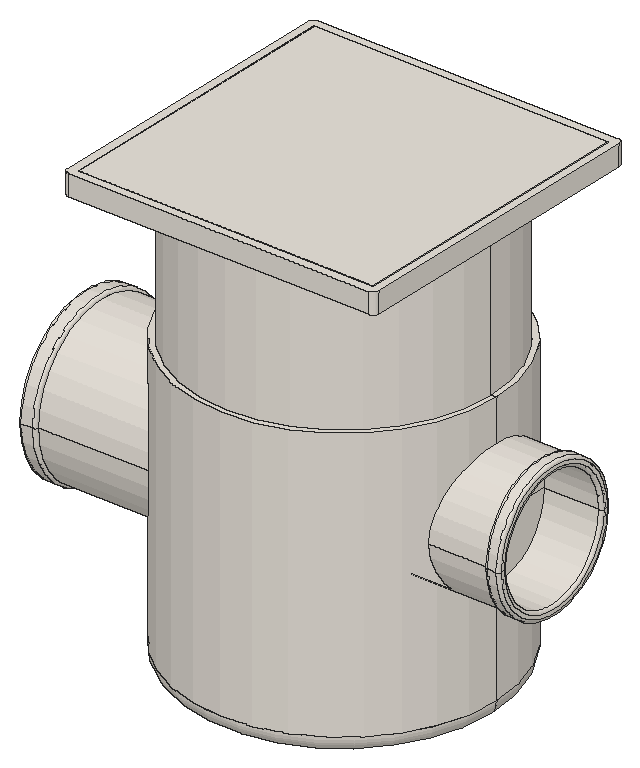
Revit family "Cx_Sif_Quadrada_1E_100x100x50", category Pipe Fittings, Revit 2025
Family settings
  Round Connector Dimension = Use Diameter
  Part Type = Multi Port
  OmniClass Number = 23.27.43.00
  Work Plane-Based = No
  Always vertical = Yes
  Cut with Voids When Loaded = No
  Shared = No
Parameters (values of type "CaixaSif 100X100X50-Quadrada-1E")
  Ângulo do Grelha [instance] = 0.00°
  t2 [instance] = size_lookup(RT, "t2", 0 mm, Tank Depth Check)  # 3 mm
  t1 [instance] = size_lookup(RT, "t1", 0 mm, Tank Depth Check)  # 4 mm
  product_serie = "Esgoto"
  material = Amanco Esgoto Caixas e Ralos
  j1 [instance] = size_lookup("Amanco Caixa 100X100-150X50", "j1", 0 mm, Tank Depth Check)  # 5 mm
  Z3 [instance] = size_lookup(RT, "Z3", 0 mm, Tank Depth Check)  # 8 mm
  Z2 [instance] = size_lookup(RT, "Z2", 0 mm, Tank Depth Check)  # 52.9 mm
  Z1 [instance] = size_lookup(RT, "Z1", 0 mm, Tank Depth Check)  # 68.2 mm
  Ws [instance] = size_lookup("Amanco Caixa 100X100-150X50", "Ws", 0 mm, Tank Depth Check)  # 45 mm
  Vis Redução Caixa [instance] = if(Redução Caixa DN50X40, Solids visible, not(Solids visible))  # no
  Vis Prolongamento [instance] = and(Prolongamento, not(Altura do Grelha Check = P3 + 7 mm))  # yes
  Vis Porta Grelha Quadrado Cromado [instance] = Tipo de Porta Grelha Quadrado = Porta Grelha Quadrado DN 100 Cromado  # no
  Vis Porta Grelha Quadrado Cinza [instance] = Tipo de Porta Grelha Quadrado = Porta Grelha Quadrado DN 100 Cinza  # no
  Vis Porta Grelha Quadrado Branco [instance] = Tipo de Porta Grelha Quadrado = Porta Grelha Quadrado DN 100 Branco  # yes
  Vis Grelha Vórtice Inox [instance] = Tipo de Grelha Quadrada = [Grelha Vórtice Inox Abre/Fecha QD DN 100]  # no
  Vis Grelha Vórtice Branca [instance] = Tipo de Grelha Quadrada = [Grelha Vórtice Branca Abre/Fecha QD DN 100]  # yes
  Vis Grelha Quadrada Alumínio [instance] = Tipo de Grelha Quadrada = Grelha Quadrada DN 100 Alumínio  # no
  Vis Disp anti Infiltration [instance] = and(Prolongamento, Disp. Anti Infiltração, Altura do Grelha > 39 mm + 7 mm + P3)  # no
  UniClass Version = 2015
  UniClass Title = "Unplasticized polyvinyl chloride (PVC-U) drainage pipe and fittings"
  UniClass Number = "65.52.63.87"
  URL = "https://www.wavin.com/pt-br/Catalogo/Predial/Sistemas-Sanitarios/Caixas"
  Type IFC Predefined Type = "CONNECTOR"
  Tipo de Porta Grelha Quadrado [instance] = Tipo Porta Grelha Quadrado : Porta Grelha Quadrado DN 100 Branco
  Tipo de Grelha Quadrada [instance] = Tipo de Grelha Quadrada : Grelha Vórtice Branca Abre/Fecha QD DN 100
  Redução Caixa DN50X40 [instance] = no
  Porta Grelha Quadrado DN 100 Cromado [instance] = Tipo Porta Grelha Quadrado : Porta Grelha Quadrado DN 100 Cromado
  Porta Grelha Quadrado DN 100 Cinza [instance] = Tipo Porta Grelha Quadrado : Porta Grelha Quadrado DN 100 Cinza
  Porta Grelha Quadrado DN 100 Branco [instance] = Tipo Porta Grelha Quadrado : Porta Grelha Quadrado DN 100 Branco
  Grelha Vórtice Inox Abre/Fecha QD DN 100 [instance] = Tipo de Grelha Quadrada : Grelha Vórtice Inox Abre/Fecha QD DN 100
  Grelha Vórtice Branca Abre/Fecha QD DN 100 [instance] = Tipo de Grelha Quadrada : Grelha Vórtice Branca Abre/Fecha QD DN 100
  Grelha Quadrada DN 100 Alumínio [instance] = Tipo de Grelha Quadrada : Grelha Quadrada DN 100 Alumínio
  Export Type to IFC As = "IfcPipeFitting"
  Default Elevation = 0 mm
  Type Comments = "Esgoto"  # constant formula
  TipodeAtivo = "Fixo"
  TempoUtil = 50
  Tank Depth Check [instance] = 100 mm  # constant formula
  Tamanho = "n/a"
  ResponsávelGarantiaTrabalho = "n/a"
  ResponsávelGarantiaPeças = "n/a"
  ReferenciadoModelo [instance] = Product Description  # "CORPO DA CAIXA SECA DN 100X100X50/40"
  RT [instance] = "Esgoto Caixa Seca"  # constant formula
  Prolongamento [instance] = yes
  Produtor = "Amanco Wavin"
  OmniClass Version = 2012
  NumerodoModelo [instance] = Catalogue Code  # "11915"
  Norma [instance] = "NBR 8160/NBR 10844"  # constant formula
  Material = "PVC"
  Keynote = "15150"
  Grupo  Amanco [instance] = ""
  Forma = "n/a"
  DuraçaoUnidade = "Anos"
  DuraçaoGarantiaUnidade = "Anos"
  DuraçaoGarantiaTrabalho = "n/a"
  DuraçaoGarantiaPeças = "n/a"
  Do Extension [instance] = size_lookup("Amanco Caixas Extention", "Do1", 0 mm, Diam Extention) / 2  # 50.8 mm
  Disp. Anti Infiltração [instance] = no
  Disp. Anti Espuma-Inseto [instance] = no
  DescriçãoGarantia = "n/a"
  CriadoPela = "Wavin LATAM"
  CriadoEm = "2020-06-19"
  Cor = "Bege"
  Comprimento da Prolongamento [instance] = if(or(not(Prolongamento), Altura do Grelha < P3 + 7 mm + 1 mm), 0 mm, Altura do Grelha - 7 mm)  # 63 mm
  Componentes = "n/a"
  Classe = "n/a"
  Caracteristicas = "n/a"
  Altura do Grelha Check [instance] = if(or(Altura do Grelha < P3 + 7 mm + 1 mm, not(Prolongamento)), P3 + 7 mm, Altura do Grelha)  # 70 mm
  Acabamento = "n/a"
  Solids visible [instance] = yes
  SCB [instance] = 0  # constant formula
  Radius [instance] = 6 mm  # constant formula
  Product Description [instance] = if(CCB = 11915, "CORPO DA CAIXA SECA DN 100X100X50/40", "0")  # "CORPO DA CAIXA SECA DN 100X100X50/40"
  Pos Out [instance] = 500 mm - (Ws - Hs)  # 500 mm
  Pid [instance] = 0
  P3 [instance] = size_lookup("Amanco Caixa 100X100-150X50", "P3", 0 mm, Tank Depth Check)  # 14 mm
  P2 [instance] = size_lookup(RT, "P2", 0 mm, Tank Depth Check)  # 20 mm
  P1 [instance] = size_lookup(RT, "P1", 0 mm, Tank Depth Check)  # 20 mm
  Model = ""
  Metallic Grid [instance] = no
  Manufacturer = "Wavin"  # constant formula
  LOD = "LOD400"  # constant formula
  built-in parameter 1114238 [instance] = (empty or 0)
  IfcExportType = "CONNECTOR"  # constant formula
  IfcExportAs = "IfcPipeFitting"  # constant formula
  IfcDescription = Description  # "MULTIPORT"
  Hs-P3 [instance] = Hs - P3  # 31 mm
  Hs [instance] = size_lookup("Amanco Caixa 100X100-150X50", "Hs", 0 mm, Tank Depth Check)  # 45 mm
  Altura do Grelha [instance] = 70 mm
  Ds2 [instance] = size_lookup(RT, "Ds2", 0 mm, Tank Depth Check) / 2  # 20.6 mm
  Ds1 [instance] = size_lookup(RT, "Ds1", 0 mm, Tank Depth Check) / 2  # 25.5 mm
  Dr2 [instance] = size_lookup(RT, "Dr2", 0 mm, Tank Depth Check) / 2  # 23.9 mm
  Dr1 [instance] = size_lookup(RT, "Dr1", 0 mm, Tank Depth Check) / 2  # 28.8 mm
  Do3 [instance] = size_lookup("Amanco Caixa 100X100-150X50", "Do3", 0 mm, Tank Depth Check) / 2  # 52.9 mm
  Do2 [instance] = size_lookup(RT, "Do2", 0 mm, Tank Depth Check) / 2  # 22.9 mm
  Do1 [instance] = size_lookup(RT, "Do1", 0 mm, Tank Depth Check) / 2  # 27.8 mm
  Diam OUT [instance] = if(Redução Caixa DN50X40, 40 mm, 50 mm)  # 50 mm
  Diam IN [instance] = 40 mm  # constant formula
  Diam Extention [instance] = 100 mm  # constant formula
  Description = "MULTIPORT"  # constant formula
  Country = "BRA"  # constant formula
  Catalogue Code [instance] = if(CCB = 11915, "11915", "0")  # "11915"
  CCB [instance] = 11915  # constant formula
  Assembly Code = "D2030100"
Reference planes
  plane 1 "Center (Front/Back)": y = 0
  plane 2: z = 0
  plane 3 "Center (Left/Right)": x = 0
  plane 4: z = -500
  plane 5: z = 0
  plane 6: z = 31
  plane 7: z = 101
  plane 8: z = 101
  plane 9: z = 8
Forms (mm)
  Revolve 1, solid, material "Amanco Esgoto Caixas e Ralos" <- "material", detail levels fine
    sketch origin (0, 0, 0) x (-1, 0, 0) y (0, -1, 0)
      loop
        line (0, -27.8) -> (83.207, -27.8)
        arc (83.207, -27.8) -> (83.5, -28.507) -> (84.207, -28.8) r 1
        line (84.207, -28.8) -> (88.207, -28.8)
        arc (88.207, -28.8) -> (88.914, -28.507) -> (89.207, -27.8) r 1
        line (89.207, -27.8) -> (89.207, -26.5)
        arc (89.207, -26.5) -> (88.914, -25.793) -> (88.207, -25.5) r 1
        line (88.207, -25.5) -> (68.207, -25.5) -> (67.5, -24.793) -> (52.9, -24.793) -> (52.9, 0) -> (0, 0) -> (0, -27.8)
      axis (0, 0) -> (89.207, 0)
    angle from 0 to 360
  Revolve 2, solid, material "Amanco Esgoto Caixas e Ralos" <- "material", detail levels fine
    sketch origin (0, 0, 0) x (1, 0, 0) y (0, 0, 1)
      loop
        line (-52.9, 45) -> (-52.9, -49)
        arc (-52.9, -49) -> (-51.143, -53.243) -> (-46.9, -55) r 6
        line (-46.9, -55) -> (0, -55) -> (0, 31) -> (-50.8, 31) -> (-50.8, 45) -> (-52.9, 45)
      axis (0, 45) -> (0, -55)
    angle from 0 to 360
  Revolve 3, solid, material "Amanco Esgoto Caixas e Ralos" <- "material"
    sketch origin (-16.768, -1524, 8) x (-1, 0, 0) y (0, -1, 0)
      loop
        line (-16.768, -1524) -> (-69.668, -1524) -> (-69.668, -1544.6) -> (-88.668, -1544.6)
        arc (-88.668, -1544.6) -> (-89.375, -1544.893) -> (-89.668, -1545.6) r 1
        line (-89.668, -1545.6) -> (-89.668, -1546.9)
        arc (-89.668, -1546.9) -> (-89.375, -1547.607) -> (-88.668, -1547.9) r 1
        line (-88.668, -1547.9) -> (-85.668, -1547.9)
        arc (-85.668, -1547.9) -> (-84.961, -1547.607) -> (-84.668, -1546.9) r 1
        line (-84.668, -1546.9) -> (-16.768, -1546.9) -> (-16.768, -1524)
      axis (-89.668, -1524) -> (-16.768, -1524)
    angle from 0 to 360
Cuts and joins
  joined: Revolve 1, Revolve 2
Lines and regions (mm)
  reference lines
    curve 1: line (0, 0, 0) -> (-68.2, 0, 0)
    curve 2: line (0, 0, 0) -> (0, -52.9, 0)
    curve 58: line (0, 0, 8) -> (52.9, 0, 8)
  model lines, detail levels coarse+medium
    curve 3: circle (0, 0, 0) r 50 normal (0, 0, 1)
    curve 4: line (-24.614, 43.522, 0) -> (-24.614, -43.522, 0)
    curve 5: line (-25.114, 43.235, 0) -> (-25.114, -43.235, 0)
    curve 6: line (-25.546, -42.981, 0) -> (-25.546, 42.981, 0)
    curve 7: line (-26.046, 42.68, 0) -> (-26.046, -42.68, 0)
    curve 8: line (-26.567, -42.358, 0) -> (-26.567, 42.358, 0)
    curve 9: line (-27.567, 41.714, 0) -> (-27.567, -41.714, 0)
    curve 10: line (-29.066, 40.684, 0) -> (-29.066, -40.684, 0)
    curve 11: line (-30.489, -39.629, 0) -> (-30.489, 39.629, 0)
    curve 12: line (-32.501, 37.996, 0) -> (-32.501, -37.996, 0)
    curve 13: line (-27.067, 42.04, 0) -> (-27.067, -42.04, 0)
    curve 14: line (-28.566, -41.037, 0) -> (-28.566, 41.037, 0)
    curve 15: line (-28.067, 41.379, 0) -> (-28.067, -41.379, 0)
    curve 16: line (-29.542, -40.339, 0) -> (-29.542, 40.339, 0)
    curve 17: line (-30.042, 39.968, 0) -> (-30.042, -39.968, 0)
    curve 18: line (-30.989, -39.239, 0) -> (-30.989, 39.239, 0)
    curve 19: line (-31.489, 38.839, 0) -> (-31.489, -38.839, 0)
    curve 20: line (-32.001, -38.418, 0) -> (-32.001, 38.418, 0)
    curve 21: line (-33.001, 37.563, 0) -> (-33.001, -37.563, 0)
    curve 22: line (-33.501, -37.118, 0) -> (-33.501, 37.118, 0)
    curve 23: line (-49.607, 6.259, 0) -> (-49.607, -6.259, 0)
    curve 24: line (-34.001, 36.66, 0) -> (-34.001, -36.66, 0)
    curve 25: line (-34.938, -35.768, 0) -> (-34.938, 35.768, 0)
    curve 26: line (-35.804, 34.901, 0) -> (-35.804, -34.901, 0)
    curve 27: line (-36.703, -33.954, 0) -> (-36.703, 33.954, 0)
    curve 28: line (-37.6, -32.958, 0) -> (-37.6, 32.958, 0)
    curve 29: line (-38.1, 32.379, 0) -> (-38.1, -32.379, 0)
    curve 30: line (-48.006, -13.978, 0) -> (-48.006, 13.978, 0)
    curve 31: line (-34.501, 36.19, 0) -> (-34.501, -36.19, 0)
    curve 32: line (-35.346, -35.365, 0) -> (-35.346, 35.365, 0)
    curve 33: line (-36.304, 34.381, 0) -> (-36.304, -34.381, 0)
    curve 34: line (-37.203, -33.405, 0) -> (-37.203, 33.405, 0)
    curve 35: line (-38.6, 31.781, 0) -> (-38.6, -31.781, 0)
    curve 36: line (-39.101, -31.163, 0) -> (-39.101, 31.163, 0)
    curve 37: line (-39.644, 30.469, 0) -> (-39.644, -30.469, 0)
    curve 38: line (-40.266, 29.642, 0) -> (-40.266, -29.642, 0)
    curve 39: line (-40.766, 28.951, 0) -> (-40.766, -28.951, 0)
    curve 40: line (-41.266, 28.234, 0) -> (-41.266, -28.234, 0)
    curve 41: line (-41.766, 27.488, 0) -> (-41.766, -27.488, 0)
    curve 42: line (-42.266, 26.713, 0) -> (-42.266, -26.713, 0)
    curve 43: line (-42.761, -25.914, 0) -> (-42.761, 25.914, 0)
    curve 44: line (-43.406, 24.818, 0) -> (-43.406, -24.818, 0)
    curve 45: line (-43.979, -23.787, 0) -> (-43.979, 23.787, 0)
    curve 46: line (-44.479, 22.838, 0) -> (-44.479, -22.838, 0)
    curve 47: line (-44.879, -22.042, 0) -> (-44.879, 22.042, 0)
    curve 48: line (-45.29, 21.186, 0) -> (-45.29, -21.186, 0)
    curve 49: line (-45.79, 20.083, 0) -> (-45.79, -20.083, 0)
    curve 50: line (-46.479, -18.432, 0) -> (-46.479, 18.432, 0)
    curve 51: line (-47.506, 15.593, 0) -> (-47.506, -15.593, 0)
    curve 52: line (-47.014, 17.02, 0) -> (-47.014, -17.02, 0)
    curve 53: line (-48.645, 11.56, 0) -> (-48.645, -11.56, 0)
    curve 54: line (-49.145, -9.205, 0) -> (-49.145, 9.205, 0)
    curve 55: line (-24.072, 43.824, 0) -> (-24.072, -43.824, 0)
    curve 56: line (-23.679, -44.038, 0) -> (-23.679, 44.038, 0)
    curve 57: line (-23.344, 44.216, 0) -> (-23.344, -44.216, 0)
Text (mm)
  text "®  Wavin" at (-0.074, 40.744, 0), in view "Ref. Level"
Dimensions and locks
  level to plane 4 = 500 mm
  "Pos Out": plane 5 to plane 4
  "Z1": curve 1 to curve 1
  "t1": Revolve 1 sketch curve to Revolve 1 sketch curve
  "Hs": Revolve 2 sketch curve to level
  "Hs-P3": plane 6 to level
  "Altura do Grelha": plane 7 to plane 6
  "Altura do Grelha Check": plane 8 to plane 6
  "Z2": curve 2 to curve 2
  "Do3": nested 1 to Revolve 2 sketch curve
  "Do Extension": nested 1 to Revolve 2 sketch curve
  "Hs-P3": Revolve 2 sketch curve to level
  "Tank Depth Check": Revolve 2 sketch curve to Revolve 2 sketch curve
  "Z2": Revolve 1 sketch curve to plane 3 "Center (Left/Right)"
  "Do1": plane 1 "Center (Front/Back)" to Revolve 1 sketch curve
  "Dr1": plane 1 "Center (Front/Back)" to Revolve 1 sketch curve
  "Ds1": plane 1 "Center (Front/Back)" to Revolve 1 sketch curve
  "P1": Revolve 1 sketch curve to Revolve 1 sketch curve
  "Z3": plane 9 to level
  "Z2": plane 3 "Center (Left/Right)" to Revolve 3 sketch curve
  "P1": Revolve 3 sketch curve to Revolve 3 sketch curve
  "t2": Revolve 3 sketch curve to Revolve 3 sketch curve
  "Dr2": plane 1 "Center (Front/Back)" to Revolve 3 sketch curve
  "Do2": plane 1 "Center (Front/Back)" to Revolve 3 sketch curve
  "Ds2": plane 1 "Center (Front/Back)" to Revolve 3 sketch curve
  "Z2": curve 58 to plane 3 "Center (Left/Right)"
  "Radius": radius of Revolve 2 sketch curve
  locked: plane 3 "Center (Left/Right)" to Revolve 1 sketch curve (angle 45.00°)
  "Ângulo do Grelha": angle plane 1 "Center (Front/Back)" to nested 7
  "Ângulo do Grelha": angle plane 1 "Center (Front/Back)" to nested 6
  aligned and locked: level to plane 2
  aligned and locked: plane 3 "Center (Left/Right)" to curve 1
  aligned and locked: curve 1 to plane 1 "Center (Front/Back)"
  aligned and locked: Revolve 1 sketch curve to curve 1
  aligned and locked: Revolve 1 sketch curve to plane 1 "Center (Front/Back)"
  aligned and locked: plane 3 "Center (Left/Right)" to Revolve 2 sketch curve
  aligned and locked: plane 3 "Center (Left/Right)" to nested 1
  aligned and locked: plane 1 "Center (Front/Back)" to nested 1
  aligned and locked: plane 6 to nested 1
  aligned and locked: nested 2 to plane 1 "Center (Front/Back)"
  aligned and locked: nested 3 to plane 1 "Center (Front/Back)"
  aligned and locked: nested 3 to plane 3 "Center (Left/Right)"
  aligned and locked: Revolve 2 sketch curve to plane 3 "Center (Left/Right)"
  aligned and locked: nested 4 to plane 1 "Center (Front/Back)"
  aligned and locked: nested 4 to plane 3 "Center (Left/Right)"
  aligned and locked: level to nested 4
  aligned and locked: curve 58 to plane 9
  aligned and locked: nested 5 to plane 5
  aligned and locked: nested 5 to cut or joined group of Revolve 1, Revolve 2
  aligned and locked: nested 6 to plane 8  (x2)
  aligned and locked: plane 7 to nested 6
  aligned and locked: plane 8 to nested 6  (x2)
  aligned and locked: plane 7 to nested 9
Automatic sketch dimensions
  plane 1 "Center (Front/Back)" to curve 3 = 0 mm
  curve 3 to plane 3 "Center (Left/Right)" = 0 mm
  curve 56 to curve 57 = 0.335 mm
  curve 55 to curve 56 = 0.394 mm
  curve 4 to curve 55 = 0.542 mm
  curve 5 to curve 4 = 0.5 mm
  curve 6 to curve 5 = 0.432 mm
  curve 7 to curve 6 = 0.5 mm
  curve 8 to curve 7 = 0.521 mm
  curve 13 to curve 8 = 0.5 mm
  curve 9 to curve 13 = 0.5 mm
  curve 15 to curve 9 = 0.5 mm
  curve 14 to curve 15 = 0.499 mm
  curve 10 to curve 14 = 0.5 mm
  curve 16 to curve 10 = 0.476 mm
  curve 17 to curve 16 = 0.5 mm
  curve 11 to curve 17 = 0.447 mm
  curve 18 to curve 11 = 0.5 mm
  curve 19 to curve 18 = 0.5 mm
  curve 20 to curve 19 = 0.512 mm
  curve 12 to curve 20 = 0.5 mm
  curve 21 to curve 12 = 0.5 mm
  curve 22 to curve 21 = 0.5 mm
  curve 24 to curve 22 = 0.5 mm
  curve 31 to curve 24 = 0.5 mm
  curve 25 to curve 31 = 0.438 mm
  curve 32 to curve 25 = 0.408 mm
  curve 26 to curve 32 = 0.458 mm
  curve 33 to curve 26 = 0.5 mm
  curve 27 to curve 33 = 0.399 mm
  curve 34 to curve 27 = 0.5 mm
  curve 28 to curve 34 = 0.397 mm
  curve 29 to curve 28 = 0.5 mm
  curve 35 to curve 29 = 0.5 mm
  curve 36 to curve 35 = 0.501 mm
  curve 37 to curve 36 = 0.543 mm
  curve 38 to curve 37 = 0.622 mm
  curve 39 to curve 38 = 0.5 mm
  curve 40 to curve 39 = 0.5 mm
  curve 41 to curve 40 = 0.5 mm
  curve 42 to curve 41 = 0.5 mm
  curve 43 to curve 42 = 0.495 mm
  curve 44 to curve 43 = 0.645 mm
  curve 45 to curve 44 = 0.573 mm
  curve 46 to curve 45 = 0.5 mm
  curve 47 to curve 46 = 0.4 mm
  curve 48 to curve 47 = 0.41 mm
  curve 49 to curve 48 = 0.5 mm
  curve 50 to curve 49 = 0.689 mm
  curve 52 to curve 50 = 0.535 mm
  curve 51 to curve 52 = 0.493 mm
  curve 30 to curve 51 = 0.5 mm
  curve 53 to curve 30 = 0.639 mm
  curve 54 to curve 53 = 0.5 mm
  curve 23 to curve 54 = 0.461 mm
  plane 1 "Center (Front/Back)" to curve 23 = 6.259 mm
  curve 56 to curve 57 = 0.178 mm
  curve 2 to plane 3 "Center (Left/Right)" = 0 mm
  plane 1 "Center (Front/Back)" to curve 2 = 0 mm
  curve 58 to plane 3 "Center (Left/Right)" = 0 mm
  Revolve 1 sketch curve to curve 1 = 0 mm
  Revolve 1 sketch curve to curve 1 = 0.7 mm
  curve 1 to Revolve 1 sketch curve = 0.007 mm
  Revolve 1 sketch curve to Revolve 1 sketch curve = 5 mm
  Revolve 1 sketch curve to Revolve 1 sketch curve = 1 mm
  Revolve 1 sketch curve to curve 1 = 2000 mm
  Revolve 1 sketch curve to Revolve 1 sketch curve = 1879.493 mm
  plane 4 to Revolve 2 sketch curve = 133.955 mm
  plane 7 to Revolve 2 sketch curve = 2118.315 mm
  plane 1 "Center (Front/Back)" to Revolve 3 sketch curve = 0 mm  (x2)
  Revolve 3 sketch curve to plane 3 "Center (Left/Right)" = 0 mm
  Revolve 3 sketch curve to Revolve 3 sketch curve = 1 mm  (x2)
  Revolve 3 sketch curve to Revolve 3 sketch curve = 1920 mm
  Revolve 3 sketch curve to Revolve 3 sketch curve = 2000 mm
Nested families
  nested 1: "AmancoWavin_ConexõesdeTubos_EsgotoZNãoUsarEsgotoCaixaSifProlongamento" at (0, 0, 31) x (0, 0, 1) z (0, -1, 0), visible <- "Vis Prolongamento", Solids visible <- "Vis Prolongamento", Grupo  Amanco <- "Grupo  Amanco", Length 1 <- "Comprimento da Prolongamento", Diameter N <- "Diam Extention", type "Var."
    with Solids visible yes, ReferenciadoModelo "TUBO ESG SN DN100X6M", Product Description "TUBO ESG SN DN100X6M", Pid 0, NumerodoModelo "10472", Norma "NBR 8160/NBR 10844", Length Check 63 mm, Length 1 63 mm, Length 63 mm, built-in parameter 1114238 (empty or 0), Grupo  Amanco "", Ds1 98 mm, Do1 101.6 mm, Diameter N 100 mm, Diameter "100 mm", Catalogue Code 2 "0", Catalogue Code "10472", CCB 10472
  nested 2: "AmancoWavin_ConexõesdeTubos_EsgotoZNãoUsarDispositivoDispositivoAnti-InsetoeAnti-Espuma" at (70.403, 0, 94), Connection 1 <- "Diam Extention", Solids Visible <- "Disp. Anti Espuma-Inseto", visible <- "Disp. Anti Espuma-Inseto", Grupo  Amanco <- "Grupo  Amanco", type "Var."
    with t1 27.2 mm, j1 56 mm, Z1+t1 39.2 mm, Z1 12 mm, Solids Visible no, SCB 0, ReferenciadoModelo "94817", R2 3 mm, R1 2 mm, Product Description "DISPOSITIVO ANTI INSETO UNIVERSAL DN100", Pid 0, NumerodoModelo "DISPOSITIVO ANTI INSETO UNIVERSAL DN100", Norma "NBR 8160/NBR 10844", built-in parameter 1114238 (empty or 0), Index 0, Grupo  Amanco "", Do1 90.7 mm, Connection 1 100 mm, Catalogue Code 2 "0", Catalogue Code "94817", CCB 94817
  nested 3: "AmancoWavin_ConexõesdeTubos_EsgotoZNãoUsarDispositivoAnti-infiltração" at (70.403, 0, 206), Connection 1 <- "Diam Extention", Solids Visible <- "Vis Disp anti Infiltration", visible <- "Vis Disp anti Infiltration", Grupo  Amanco <- "Grupo  Amanco", type "Var."
    with t1 3 mm, j1 2 mm, a 72.00°, Z1 3 mm, Vis Add no, Solids Visible no, SCB 0, ReferenciadoModelo "10378", R2 3 mm, R1 2 mm, Product Description "ANTIINFILTRACAO DN100", Pid 0, P2 18 mm, P1 18 mm, NumerodoModelo "ANTIINFILTRACAO DN100", Norma "NBR 8160/NBR 10844", built-in parameter 1114238 (empty or 0), Index 0, Grupo  Amanco "", Ds2 75 mm, Ds1 50.8 mm, Dr1 99.75 mm, Do2 77 mm, Do1 52.9 mm, Do0 106.75 mm, Connection 1 100 mm, Catalogue Code 2 "0", Catalogue Code "10378", CCB 10378
  nested 4: "AmancoWavin_ConexõesdeTubos_EsgotoZNãoUsarAneldeVedação" at (70.496, 0, 0), Conexão 1 <- "Diam OUT", Grupo  Amanco <- "Grupo  Amanco", type "Var."
    with Visiility Normal no, Visibility But yes, Solids Visible yes, SCB 0, ReferenciadoModelo "ANEL ORING ESG SBR DN50 DUR40", Product Description "ANEL ORING ESG SBR DN50 DUR40", Pid 0, PSQ (Programa Setorial da Qualidade) "0", NumerodoModelo "90112", Norma Técnica "0", Norma "NBR 5688/NBR 8160", built-in parameter 1114238 (empty or 0), NCM "0", Line 1, Index 90112, Grupo  Amanco "", GTIN/EAN "0", GS1 Digital Link "0", GPC (Global Product Classification) 0, Conexão 1 50 mm, Catalogue Code 2 "90112", Catalogue Code "90112", CCB 90112
  nested 5: "Z_Amanco Esgoto Redução Para Caixa Sifonada DN50X40 (Nested)" at (-78.207, 0, 0) x (1, 0, 0) z (0, -1, 0), visible <- "Vis Redução Caixa", type "Var.", detail levels fine
    with t1 2 mm, Solids visible yes, RT "Esgoto Redução Para Caixa Sifonada DN50X40", Product Description "0", Pid 0, P1 20 mm, built-in parameter 1114238 (empty or 0), Ds1 20.5 mm, Dr1 25.5 mm, Do1 24.5 mm, DN 50 mm, Catalogue Code 2 "0", Catalogue Code "0"
  nested 6: "Z_Amanco Esgoto Caixa Sif DN 100 Porta Grelha Quadrado (Nested)" at (0, 0, 101), Vis Porta Grelha Quadrado Branco <- "Vis Porta Grelha Quadrado Branco", Vis Porta Grelha Quadrado Cinza <- "Vis Porta Grelha Quadrado Cinza", Vis Porta Grelha Quadrado Cromado <- "Vis Porta Grelha Quadrado Cromado", Grupo  Amanco <- "Grupo  Amanco", type "Var."
    with W 107.6 mm, Vis Porta Grelha Quadrado Cromado no, Vis Porta Grelha Quadrado Cinza no, Vis Porta Grelha Quadrado Branco yes, Solids visible yes, Radius 2 mm, Product Description "PORTA GRELHA QUADRADO DN 100-BRANCO", Pid 0, Ls 7 mm, built-in parameter 1114238 (empty or 0), Grupo  Amanco "", Grid Size 101.6 mm, Catalogue Code "11773", CCB 11773
  nested 7: "Z_Amanco Esgoto Caixa Sif DN 100 Grelha Quadrada (Nested)" at (0, 0, 101), Vis Grelha Quadrada Alumínio <- "Vis Grelha Quadrada Alumínio", Grupo  Amanco <- "Grupo  Amanco", visible <- "Vis Grelha Quadrada Alumínio", type "Var.", detail levels fine
    with W 107.6 mm, Vis Grelha Quadrada Alumínio no, Solids visible yes, Radius 2 mm, Product Description "0", Pid 0, Ls 7 mm, built-in parameter 1114238 (empty or 0), Grupo  Amanco "", Grid Size 101.6 mm, Catalogue Code "0", CCB 0
  nested 8: "Z_Amanco Esgoto Caixa Sif Grelha Vórtice Quadrada (Nested)" at (0, 0, 101.1), Diam Extention <- "Diam Extention", Grupo  Amanco <- "Grupo  Amanco", visible <- "Vis Grelha Vórtice Inox", Vis Grelha Vórtice Inox <- "Vis Grelha Vórtice Inox", type "Aço Inox Polido", detail levels fine
    with t1 3.5 mm, Vis Grelha Vórtice Inox no, Vis Grelha Vórtice Branca no, Type 2, Solids visible yes, RT "G Vórtice Quadrada", Product Description "GRELHA VORTICE INOX ABRE/FECHA QD DN100", Pid 99069, built-in parameter 1114238 (empty or 0), Grupo  Amanco "", Do1 101.6 mm, Diam Extention 100 mm, Catalogue Code "99069", CCB 99069
  nested 9: "Z_Amanco Esgoto Caixa Sif Grelha Vórtice Quadrada (Nested)" at (0, 0, 101) x (0, 1, 0) z (0, 0, 1), visible <- "Vis Grelha Vórtice Branca", Diam Extention <- "Diam Extention", Vis Grelha Vórtice Branca <- "Vis Grelha Vórtice Branca", Grupo  Amanco <- "Grupo  Amanco", type "Plástica Branca", detail levels fine
    with t1 3.5 mm, Vis Grelha Vórtice Inox no, Vis Grelha Vórtice Branca yes, Type 1, Solids visible yes, RT "G Vórtice Quadrada", Product Description "GRELHA VORT ABS BR ABRE/FECHA QUAD DN100", Pid 70580, built-in parameter 1114238 (empty or 0), Grupo  Amanco "", Do1 101.6 mm, Diam Extention 100 mm, Catalogue Code "70580", CCB 70580
Connectors
  piping at (-68.2, 0, 0), diameter 50, driven by "Diam OUT"
    settings: on curve 1, index 4, connector inside diameter 609.6 mm, connector length 0 mm, flow factor 0, pipe flow 0.0 L/s, pressure drop 0.0 Pa, fitting loss kfactor 0, connector angle 0.00°, fixture units 0, engagement length 0 mm, angle of deflection 0.00°, flow configuration 0, flow direction 0, fitting loss method 0, system type 29, joint type 0, gender type 0, connector reference index -1, connector utility 0, adjustable connector yes, is connector primary yes, connector description ""
  piping at (52.9, 0, 8), diameter 40, driven by "Diam IN"
    settings: on curve 58, index 5, connector inside diameter 609.6 mm, connector length 0 mm, flow factor 0, pipe flow 0.0 L/s, pressure drop 0.0 Pa, fitting loss kfactor 0, connector angle 0.00°, fixture units 0, engagement length 0 mm, angle of deflection 0.00°, flow configuration 0, flow direction 0, fitting loss method 0, system type 29, joint type 0, gender type 0, connector reference index -1, connector utility 0, adjustable connector yes, is connector primary no, connector description ""
Definition of nested family "AmancoWavin_ConexõesdeTubos_EsgotoZNãoUsarEsgotoCaixaSifProlongamento"
  Parameters (values of type "Var.")
    product_serie = "Esgoto"
    material = none
    UniClass Version = 2015
    UniClass Title = "Unplasticized polyvinyl chloride (PVC-U) drainage pipe and fittings"
    UniClass Number = "65.52.63.87"
    URL = "https://www.wavin.com/pt-br/cat%C3%A1logo/predial/sistema-sanitario#!"
    Type IFC Predefined Type = "CONNECTOR"
    Export Type to IFC As = "IfcPipeFitting"
    Type Comments = "Esgoto"  # constant formula
    TipodeAtivo = "Fixo"
    TempoUtil = 50
    Tamanho = "n/a"
    Solids visible [instance] = yes
    ResponsávelGarantiaTrabalho = "n/a"
    ResponsávelGarantiaPeças = "n/a"
    ReferenciadoModelo [instance] = Product Description  # "TUBO ESG SN DN200X6M"
    Produtor = "Amanco Wavin"
    OmniClass Version = 2012
    NumerodoModelo [instance] = Catalogue Code  # "16603"
    Norma [instance] = "NBR 8160/NBR 10844"  # constant formula
    Material = "PVC"
    Length 1 [instance] = 150 mm
    Length [instance] = Length 1  # 150 mm
    Keynote = "15150"
    Grupo  Amanco [instance] = ""
    Forma = "n/a"
    DuraçaoUnidade = "Anos"
    DuraçaoGarantiaUnidade = "Anos"
    DuraçaoGarantiaTrabalho = "n/a"
    DuraçaoGarantiaPeças = "n/a"
    Do1 [instance] = size_lookup("Amanco Caixas Extention", "Do1", 0 mm, Diameter N)  # 200 mm
    Product Description [instance] = if(CCB = 10472, "TUBO ESG SN DN100X6M", if(CCB = 90000, "PROLONGADOR DN150X150MM", if(CCB = 90001, "PROLONGADOR DN150X200MM", if(CCB = 10473, "TUBO ESG SN DN150X6M", if(CCB = 90030, "PROLONGADOR DN250X200MM", if(CCB = 11457, "TUBO SERIE LEVE DN250X6M", if(CCB = 91346, "PROLONGADOR DN300 X 420MM", if(CCB = 11458, "TUBO SERIE LEVE DN300X6M", if(CCB = 16603, "TUBO ESG SN DN200X6M", "0")))))))))  # "TUBO ESG SN DN200X6M"
    Pid [instance] = 0
    Model = ""
    Manufacturer = "Wavin"  # constant formula
    LOD = "LOD400"  # constant formula
    built-in parameter 1114238 [instance] = (empty or 0)
    IfcExportType = "CONNECTOR"  # constant formula
    IfcExportAs = "IfcPipeFitting"  # constant formula
    IfcDescription = Description  # "Prolongamento"
    Ds1 [instance] = size_lookup("Amanco Caixas Extention", "Ds1", 0 mm, Diameter N)  # 192.8 mm
    Length Check [instance] = if(Length 1 = 0 mm, 100 mm, Length 1)  # 150 mm
    Diameter [instance] = if(Diameter N = 100 mm, "100 mm", if(Diameter N = 150 mm, "150 mm", if(Diameter N = 200 mm, "200 mm", if(Diameter N = 250 mm, "250 mm", if(Diameter N = 300 mm, "300 mm", "0")))))  # "200 mm"
    DescriçãoGarantia = "n/a"
    Description = "Prolongamento"  # constant formula
    Default Elevation = 1219.2 mm
    CriadoPela = "Wavin LATAM"
    CriadoEm = "2020-06-19"
    Country = "BRA"  # constant formula
    Diameter N [instance] = 200 mm
    Cor = "Bege"
    Componentes = "n/a"
    Classe = "n/a"
    Catalogue Code 2 [instance] = "0"  # constant formula
    Catalogue Code [instance] = if(CCB = 10472, "10472", if(CCB = 90000, "90000", if(CCB = 90001, "90001", if(CCB = 10473, "10473", if(CCB = 90030, "90030", if(CCB = 11457, "11457", if(CCB = 91346, "91346", if(CCB = 11458, "11458", if(CCB = 16603, "16603", "0")))))))))  # "16603"
    Caracteristicas = "n/a"
    CCB [instance] = if(Diameter N = 200 mm, 16603, if(Diameter N = 100 mm, 10472, if(Diameter N = 150 mm, if(Length Check = 150 mm, 90000, if(Length Check = 200 mm, 90001, 10473)), if(Diameter N = 250 mm, if(Length Check = 200 mm, 90030, 11457), if(Diameter N = 300 mm, if(Length Check = 420 mm, 91346, 11458), 0)))))  # 16603
    Assembly Code = "D2030100"
    Acabamento = "n/a"
  Reference planes
    plane 1 "Center (Front/Back)": y = 0
    plane 2: z = 0
    plane 3 "Center (Left/Right)": x = 0
    plane 4: x = 150
  Forms (mm)
    Extrusion 1, solid, material <- "material", visible <- "Solids visible", detail levels fine
      sketch origin (0, 0, 0) x (0, 1, 0) y (0, 0, 1)
        loop
          circle (0, 0) r 100
        loop
          circle (0, 0) r 96.4
      from 0 to 150
  Text (mm)
    text "®  Wavin" at (-0.074, 40.744, 0), in view "Ref. Level"
  Dimensions and locks
    "Length Check": plane 3 "Center (Left/Right)" to plane 4
    "Do1": diameter of Extrusion 1 sketch curve
    "Ds1": diameter of Extrusion 1 sketch curve
    aligned and locked: level to plane 2
    aligned and locked: Extrusion 1 to plane 3 "Center (Left/Right)"
    aligned and locked: level to Extrusion 1 sketch curve  (x2)
    aligned and locked: plane 1 "Center (Front/Back)" to Extrusion 1 sketch curve  (x2)
    aligned and locked: plane 4 to Extrusion 1
Definition of nested family "Z_Amanco Esgoto Redução Para Caixa Sifonada DN50X40 (Nested)"
  Parameters (values of type "Var.")
    t1 [instance] = size_lookup(RT, "t1", 0 mm, DN)  # 2 mm
    product_serie = "Esgoto"
    material = none
    URL = "https://www.wavin.com/pt-br/Catalogo/Predial/Sistemas-Sanitarios/Caixas"
    RT [instance] = "Esgoto Redução Para Caixa Sifonada DN50X40"  # constant formula
    Type IFC Predefined Type = "CONNECTOR"
    Export Type to IFC As = "IfcPipeFitting"
    Dr1 [instance] = size_lookup(RT, "Dr1", 0 mm, DN) / 2  # 25.5 mm
    DN [instance] = 50 mm  # constant formula
    Type Comments = ""
    Solids visible [instance] = yes
    Product Description [instance] = "0"  # constant formula
    Pid [instance] = 0
    Model = ""
    Manufacturer = "Wavin"  # constant formula
    LOD = "LOD400"  # constant formula
    built-in parameter 1114238 [instance] = (empty or 0)
    IfcExportType = "CONNECTOR"  # constant formula
    IfcExportAs = "IfcPipeFitting"  # constant formula
    IfcDescription = Description  # "REDUÇÃO"
    Ds1 [instance] = size_lookup(RT, "Ds1", 0 mm, DN) / 2  # 20.5 mm
    Do1 [instance] = size_lookup(RT, "Do1", 0 mm, DN) / 2  # 24.5 mm
    P1 [instance] = size_lookup(RT, "P1", 0 mm, DN)  # 20 mm
    Description = "REDUÇÃO"  # constant formula
    Default Elevation = 1219.2 mm
    Country = "BRA"  # constant formula
    Catalogue Code 2 [instance] = "0"  # constant formula
    Catalogue Code [instance] = "0"  # constant formula
    Assembly Code = ""
  Reference planes
    plane 1 "Center (Front/Back)": y = 0
    plane 2: z = 0
    plane 3 "Center (Left/Right)": x = 0
    plane 4: z = -24.5
    plane 5: z = 0.1
  Forms (mm)
    Revolve 1, solid, material <- "material", detail levels fine
      sketch origin (0, 0, 0) x (1, 0, 0) y (0, 1, 0)
        loop
          line (-10, 20.5) -> (6.99, 20.5)
          arc (6.99, 20.5) -> (7.697, 20.207) -> (7.99, 19.5) r 1
          arc (7.99, 19.5) -> (8.293, 18.799) -> (9, 18.51) r 1.01
          arc (9, 18.51) -> (9.707, 18.799) -> (10.01, 19.5) r 1.01
          line (10.01, 19.5) -> (10.01, 20.5)
          arc (10.01, 20.5) -> (9.707, 21.201) -> (9, 21.49) r 1.01
          line (9, 21.49) -> (-7.01, 21.49)
          arc (-7.01, 21.49) -> (-7.717, 21.783) -> (-8.01, 22.49) r 1
          arc (-8.01, 22.49) -> (-7.717, 23.197) -> (-7.01, 23.49) r 1
          line (-7.01, 23.49) -> (10, 23.49) -> (10, 24.5) -> (-7.01, 24.5) -> (-7.01, 25.5) -> (-9.01, 25.5) -> (-10, 24.51) -> (-10, 20.5)
        axis (10.01, 0) -> (-10, 0)
      angle from 0 to 360
  Text (mm)
    text "®  Wavin" at (-0.074, 40.744, 0), in view "Ref. Level"
  Dimensions and locks
    "Do1": level to plane 4
    "Ds1": plane 1 "Center (Front/Back)" to Revolve 1 sketch curve
    "Dr1": plane 1 "Center (Front/Back)" to Revolve 1 sketch curve
    "Do1": plane 1 "Center (Front/Back)" to Revolve 1 sketch curve
    equal spacing: Revolve 1 sketch curve, plane 3 "Center (Left/Right)", Revolve 1 sketch curve
    "P1": Revolve 1 sketch curve to Revolve 1 sketch curve
    "t1": Revolve 1 sketch curve to Revolve 1 sketch curve
    aligned and locked: level to plane 2
  Automatic sketch dimensions
    Revolve 1 sketch curve to Revolve 1 sketch curve = 0 mm  (x6)
    Revolve 1 sketch curve to plane 1 "Center (Front/Back)" = 0 mm
    Revolve 1 sketch curve to Revolve 1 sketch curve = 0.99 mm  (x2)
    Revolve 1 sketch curve to Revolve 1 sketch curve = 3.01 mm
    Revolve 1 sketch curve to Revolve 1 sketch curve = 2.01 mm
    Revolve 1 sketch curve to Revolve 1 sketch curve = 1.01 mm
    Revolve 1 sketch curve to Revolve 1 sketch curve = 1 mm  (x3)
    Revolve 1 sketch curve to Revolve 1 sketch curve = 0.02 mm
    Revolve 1 sketch curve to Revolve 1 sketch curve = 0.959 mm
    Revolve 1 sketch curve to Revolve 1 sketch curve = 1990 mm  (x2)
Definition of nested family "Z_Amanco Esgoto Caixa Sif DN 100 Porta Grelha Quadrado (Nested)"
  Parameters (values of type "Var.")
    product_serie = "Esgoto"
    material 3 = none
    material 2 = none
    material = none
    Vis Porta Grelha Quadrado Cromado [instance] = no
    Vis Porta Grelha Quadrado Cinza [instance] = no
    Vis Porta Grelha Quadrado Branco [instance] = yes
    URL = "https://www.wavin.com/pt-br/Catalogo/Predial/Sistemas-Sanitarios/Grelhas"
    Norma = "NBR 8160/NBR 10844"  # constant formula
    Type IFC Predefined Type = "CONNECTOR"
    Grupo  Amanco [instance] = ""
    Export Type to IFC As = "IfcPipeFitting"
    Type Comments = "Esgoto"  # constant formula
    Solids visible [instance] = yes
    Radius [instance] = 2 mm  # constant formula
    Product Description [instance] = if(CCB = 11773, "PORTA GRELHA QUADRADO DN 100-BRANCO", if(CCB = 11953, "PORTA GRELHA QUADRADO DN 100-CINZA", if(CCB = 90608, "PORTA GRELHA QUADRADO DN 100-CROMADO", "0")))  # "PORTA GRELHA QUADRADO DN 100-BRANCO"
    Pid [instance] = 0
    Model = ""
    Manufacturer = "Wavin"  # constant formula
    LOD = "LOD400"  # constant formula
    built-in parameter 1114238 [instance] = (empty or 0)
    IfcExportType = "CONNECTOR"  # constant formula
    IfcExportAs = "IfcPipeFitting"  # constant formula
    IfcDescription = Description  # "PORTA GRELHA QUADRADO"
    W [instance] = 107.6 mm
    Ls [instance] = 7 mm  # constant formula
    Grid Size [instance] = W - 6 mm  # 101.6 mm
    Description = "PORTA GRELHA QUADRADO"  # constant formula
    Default Elevation = 1219.2 mm
    Country = "BRA"  # constant formula
    Catalogue Code [instance] = if(CCB = 11773, "11773", if(CCB = 11953, "11953", if(CCB = 90608, "90608", "0")))  # "11773"
    Assembly Code = ""
    CCB [instance] = if(Vis Porta Grelha Quadrado Branco, 11773, if(Vis Porta Grelha Quadrado Cinza, 11953, if(Vis Porta Grelha Quadrado Cromado, 90608, 0)))  # 11773
  Reference planes
    plane 1 "Center (Front/Back)": y = 0
    plane 2: z = 0
    plane 3 "Center (Left/Right)": x = 0
    plane 4: z = -7
    plane 5: z = 0.1
  Forms (mm)
    Extrusion 1, solid, material <- "material 3", visible <- "Vis Porta Grelha Quadrado Cromado", detail levels fine
      sketch origin (0, 0, 0) x (1, 0, 0) y (0, 1, 0)
        loop
          line (-53.8, 51.8) -> (-53.8, -51.8)
          arc (-53.8, -51.8) -> (-53.214, -53.214) -> (-51.8, -53.8) r 2
          line (-51.8, -53.8) -> (51.8, -53.8)
          arc (51.8, -53.8) -> (53.214, -53.214) -> (53.8, -51.8) r 2
          line (53.8, -51.8) -> (53.8, 51.8)
          arc (53.8, 51.8) -> (53.214, 53.214) -> (51.8, 53.8) r 2
          line (51.8, 53.8) -> (-51.8, 53.8)
          arc (-51.8, 53.8) -> (-53.214, 53.214) -> (-53.8, 51.8) r 2
        loop
          line (-50.8, -50.8) -> (50.8, -50.8) -> (50.8, 50.8) -> (-50.8, 50.8) -> (-50.8, -50.8)
      from 0 to -7
    Extrusion 2, solid, material <- "material 2", visible <- "Vis Porta Grelha Quadrado Cinza", detail levels fine
      sketch origin (0, 0, 0) x (1, 0, 0) y (0, 1, 0)
        loop
          line (-53.8, 51.8) -> (-53.8, -51.8)
          arc (-53.8, -51.8) -> (-53.214, -53.214) -> (-51.8, -53.8) r 2
          line (-51.8, -53.8) -> (51.8, -53.8)
          arc (51.8, -53.8) -> (53.214, -53.214) -> (53.8, -51.8) r 2
          line (53.8, -51.8) -> (53.8, 51.8)
          arc (53.8, 51.8) -> (53.214, 53.214) -> (51.8, 53.8) r 2
          line (51.8, 53.8) -> (-51.8, 53.8)
          arc (-51.8, 53.8) -> (-53.214, 53.214) -> (-53.8, 51.8) r 2
        loop
          line (-50.8, -50.8) -> (50.8, -50.8) -> (50.8, 50.8) -> (-50.8, 50.8) -> (-50.8, -50.8)
      from 0 to -7
    Extrusion 3, solid, material <- "material", visible <- "Vis Porta Grelha Quadrado Branco", detail levels fine
      sketch origin (0, 0, 0) x (1, 0, 0) y (0, 1, 0)
        loop
          line (-53.8, 51.8) -> (-53.8, -51.8)
          arc (-53.8, -51.8) -> (-53.214, -53.214) -> (-51.8, -53.8) r 2
          line (-51.8, -53.8) -> (51.8, -53.8)
          arc (51.8, -53.8) -> (53.214, -53.214) -> (53.8, -51.8) r 2
          line (53.8, -51.8) -> (53.8, 51.8)
          arc (53.8, 51.8) -> (53.214, 53.214) -> (51.8, 53.8) r 2
          line (51.8, 53.8) -> (-51.8, 53.8)
          arc (-51.8, 53.8) -> (-53.214, 53.214) -> (-53.8, 51.8) r 2
        loop
          line (-50.8, -50.8) -> (50.8, -50.8) -> (50.8, 50.8) -> (-50.8, 50.8) -> (-50.8, -50.8)
      from 0 to -7
  Lines and regions (mm)
    reference lines
      curve 1: line (0, 0, -7) -> (0, 0, 0)
  Text (mm)
    text "®  Wavin" at (-0.074, 40.744, 0), in view "Ref. Level"
  Dimensions and locks
    equal spacing: Extrusion 1 sketch curve, plane 3 "Center (Left/Right)", Extrusion 1 sketch curve  (x2)
    equal spacing: Extrusion 1 sketch curve, plane 1 "Center (Front/Back)", Extrusion 1 sketch curve  (x2)
    "W": Extrusion 1 sketch curve to Extrusion 1 sketch curve  (x2)
    "Ls": level to Extrusion 1
    "Ls": level to plane 4
    plane 5 to Extrusion 1 = 0.1 mm
    "Grid Size": Extrusion 1 sketch curve to Extrusion 1 sketch curve  (x2)
    Extrusion 2 sketch curve to Extrusion 2 sketch curve = 107.6 mm  (x2)
    "W": Extrusion 2 sketch curve to Extrusion 2 sketch curve  (x2)
    Extrusion 2 sketch curve to Extrusion 2 sketch curve = 101.6 mm  (x2)
    "Grid Size": Extrusion 2 sketch curve to Extrusion 2 sketch curve  (x2)
    Extrusion 3 sketch curve to Extrusion 3 sketch curve = 107.6 mm  (x2)
    "W": Extrusion 3 sketch curve to Extrusion 3 sketch curve  (x2)
    Extrusion 3 sketch curve to Extrusion 3 sketch curve = 101.6 mm  (x2)
    "Grid Size": Extrusion 3 sketch curve to Extrusion 3 sketch curve  (x2)
    "Radius": radius of Extrusion 1 sketch curve  (x4)
    "Radius": radius of Extrusion 2 sketch curve  (x4)
    "Radius": radius of Extrusion 3 sketch curve  (x4)
    aligned and locked: level to plane 2
    aligned and locked: Extrusion 1 to level
    aligned and locked: plane 4 to curve 1
    aligned and locked: level to curve 1
    aligned and locked: plane 3 "Center (Left/Right)" to curve 1
  Automatic sketch dimensions
    Extrusion 1 sketch curve to Extrusion 1 sketch curve = 0 mm  (x2)
    Extrusion 2 sketch curve to plane 3 "Center (Left/Right)" = 53.8 mm
    Extrusion 2 sketch curve to Extrusion 2 sketch curve = 1 mm  (x2)
    plane 1 "Center (Front/Back)" to Extrusion 2 sketch curve = 53.8 mm
    Extrusion 2 sketch curve to Extrusion 2 sketch curve = 0 mm  (x2)
    Extrusion 3 sketch curve to plane 3 "Center (Left/Right)" = 53.8 mm
    Extrusion 3 sketch curve to Extrusion 3 sketch curve = 1 mm  (x2)
    plane 1 "Center (Front/Back)" to Extrusion 3 sketch curve = 53.8 mm
    Extrusion 3 sketch curve to Extrusion 3 sketch curve = 0 mm  (x2)
Definition of nested family "Z_Amanco Esgoto Caixa Sif Grelha Vórtice Quadrada (Nested)"
  Parameters (values of type "Plástica Branca")
    t1 [instance] = size_lookup(RT, "t1", 0 mm, Diam Extention)  # 3.5 mm
    product_serie = "Esgoto"
    Type [instance] = 1
    Material = none
    Vis Grelha Vórtice Branca [instance] = yes
    Vis Grelha Vórtice Inox [instance] = no
    URL = "https://wavin.com/br/s/C50_F501_S779/grelhas"
    Norma = "NBR 8160/NBR 10844"  # constant formula
    RT [instance] = "G Vórtice Quadrada"  # constant formula
    Type IFC Predefined Type = "CONNECTOR"
    Grupo  Amanco [instance] = ""
    Export Type to IFC As = "IfcPipeFitting"
    Do1 [instance] = size_lookup(RT, "Do1", 0 mm, Diam Extention)  # 101.6 mm
    Diam Extention [instance] = 100 mm
    Type Comments = "Esgoto"  # constant formula
    Solids visible [instance] = yes
    Product Description [instance] = if(CCB = 70580, "GRELHA VORT ABS BR ABRE/FECHA QUAD DN100", if(CCB = 70581, "GRELHA VORT ABS BR ABRE/FECHA QUAD DN150", if(CCB = 99069, "GRELHA VORTICE INOX ABRE/FECHA QD DN100", if(CCB = 99070, "GRELHA VORTICE INOX ABRE/FECHA QD DN150", "0"))))  # "GRELHA VORT ABS BR ABRE/FECHA QUAD DN100"
    Pid [instance] = CCB  # 70580
    Model = ""
    Manufacturer = "Wavin"  # constant formula
    LOD = "LOD400"  # constant formula
    built-in parameter 1114238 [instance] = (empty or 0)
    IfcExportType = "CONNECTOR"  # constant formula
    IfcExportAs = "IfcPipeFitting"  # constant formula
    IfcDescription = Description  # "GRELHA QUADRADA"
    Description = "GRELHA QUADRADA"  # constant formula
    Default Elevation = 1219.2 mm
    Country = "BRA"  # constant formula
    Catalogue Code [instance] = if(CCB = 70580, "70580", if(CCB = 70581, "70581", if(CCB = 99069, "99069", if(CCB = 99070, "99070", "0"))))  # "70580"
    Assembly Code = ""
    CCB [instance] = size_lookup(RT, "Ref", 0, Diam Extention, Type)  # 70580
  Types (2, lengths in mm): name | Type | Vis Grelha Vórtice Branca | Vis Grelha Vórtice Inox | Product Description | Pid | Catalogue Code | CCB
    Aço Inox Polido | 2 | no | yes | "GRELHA VORTICE INOX ABRE/FECHA QD DN100" | 99069 | "99069" | 99069
    Plástica Branca | 1 | yes | no | "GRELHA VORT ABS BR ABRE/FECHA QUAD DN100" | 70580 | "70580" | 70580
  Reference planes
    plane 1 "Center (Front/Back)": y = 0
    plane 2: z = 0
    plane 3 "Center (Left/Right)": x = 0
    plane 4: z = -3.5
    plane 5: z = 0.1
  Forms (mm)
    Extrusion 1, solid, material <- "Material", visible <- "Vis Grelha Vórtice Inox", detail levels fine
      sketch origin (0, 0, 0) x (1, 0, 0) y (0, 1, 0)
        loop
          line (-50.8, 50.8) -> (-50.8, -50.8) -> (50.8, -50.8) -> (50.8, 50.8) -> (-50.8, 50.8)
      from -3.5 to 0.1
    Extrusion 2, solid, material <- "Material", visible <- "Vis Grelha Vórtice Branca", detail levels fine
      sketch origin (0, 0, 0) x (1, 0, 0) y (0, 1, 0)
        loop
          line (-50.8, 50.8) -> (-50.8, -50.8) -> (50.8, -50.8) -> (50.8, 50.8) -> (-50.8, 50.8)
      from -3.5 to 0.1
  Lines and regions (mm)
    reference lines
      curve 1: line (0, 0, -3.5) -> (0, 0, 0)
  Text (mm)
    text "®  Wavin" at (-0.074, 40.744, 0), in view "Ref. Level"
  Dimensions and locks
    "t1": level to plane 4
    equal spacing: Extrusion 1 sketch curve, plane 3 "Center (Left/Right)", Extrusion 1 sketch curve
    equal spacing: Extrusion 1 sketch curve, plane 1 "Center (Front/Back)", Extrusion 1 sketch curve
    "Do1": Extrusion 1 sketch curve to Extrusion 1 sketch curve  (x2)
    equal spacing: Extrusion 2 sketch curve, plane 3 "Center (Left/Right)", Extrusion 1
    equal spacing: Extrusion 2 sketch curve, plane 1 "Center (Front/Back)", Extrusion 2 sketch curve
    "Do1": Extrusion 2 sketch curve to Extrusion 2 sketch curve  (x2)
    aligned and locked: level to plane 2
    aligned and locked: Extrusion 1 to plane 4
  Automatic sketch dimensions
    curve 1 to level = 0 mm
    curve 1 to plane 3 "Center (Left/Right)" = 0 mm
    curve 1 to plane 4 = 0 mm
Definition of nested family "AmancoWavin_ConexõesdeTubos_EsgotoZNãoUsarDispositivoDispositivoAnti-InsetoeAnti-Espuma"
  Parameters (values of type "Var.")
    t1 [instance] = 27.2 mm  # constant formula
    product_serie = "Esgoto"
    material = none
    Z1+t1 [instance] = Z1 + t1  # 39.2 mm
    UniClass Version = 2015
    UniClass Title = "Unplasticized polyvinyl chloride (PVC-U) drainage pipe and fittings"
    UniClass Number = "65.52.63.87"
    URL = "https://www.wavin.com/pt-br/cat%C3%A1logo/predial/sistema-sanitario/pvc-esgoto-silentium"
    Type IFC Predefined Type = "CONNECTOR"
    Export Type to IFC As = "IfcPipeFitting"
    Type Comments = "Esgoto"  # constant formula
    TipodeAtivo = "Fixo"
    TempoUtil = 50
    Tamanho = "n/a"
    Solids Visible [instance] = yes
    SCB [instance] = 0  # constant formula
    ResponsávelGarantiaTrabalho = "n/a"
    ResponsávelGarantiaPeças = "n/a"
    ReferenciadoModelo [instance] = Catalogue Code  # "94818"
    R2 [instance] = 3 mm  # constant formula
    R1 [instance] = 2 mm  # constant formula
    Produtor = "Amanco Wavin"
    Product Description [instance] = if(CCB = 94817, "DISPOSITIVO ANTI INSETO UNIVERSAL DN100", if(CCB = 94818, "DISPOSITIVO ANTI INSETO UNIVERSAL DN150", "0"))  # "DISPOSITIVO ANTI INSETO UNIVERSAL DN150"
    Pid [instance] = 0
    OmniClass Version = 2012
    NumerodoModelo [instance] = Product Description  # "DISPOSITIVO ANTI INSETO UNIVERSAL DN150"
    Norma [instance] = "NBR 8160/NBR 10844"  # constant formula
    Model = ""
    Material = "PVC"
    Manufacturer = "Wavin"  # constant formula
    LOD = "LOD400"  # constant formula
    Keynote = "15150"
    Index [instance] = 0  # constant formula
    Z1 [instance] = 12 mm  # constant formula
    built-in parameter 1114238 [instance] = (empty or 0)
    IfcExportType = "CONNECTOR"  # constant formula
    IfcExportAs = "IfcPipeFitting"  # constant formula
    IfcDescription = Description  # ""
    j1 [instance] = if(Connection 1 = 100 mm, 1, 1.5) * 56 mm  # 84 mm
    Grupo  Amanco [instance] = ""
    Forma = "n/a"
    DuraçaoUnidade = "Anos"
    DuraçaoGarantiaUnidade = "Anos"
    DuraçaoGarantiaTrabalho = "n/a"
    DuraçaoGarantiaPeças = "n/a"
    Do1 [instance] = if(Connection 1 = 100 mm, 1, 1.5) * 90.7 mm  # 136.05 mm
    DescriçãoGarantia = "n/a"
    Description = ""
    Default Elevation = 0 mm
    CriadoPela = "Wavin LATAM"
    CriadoEm = "25-06-2020"
    Country = "BRA"  # constant formula
    Cor = "Branco"
    Connection 1 [instance] = 150 mm
    Componentes = "n/a"
    Classe = "n/a"
    Catalogue Code 2 [instance] = "0"  # constant formula
    Catalogue Code [instance] = if(CCB = 94817, "94817", if(CCB = 94818, "94818", "0"))  # "94818"
    Caracteristicas = "n/a"
    CCB [instance] = if(Connection 1 = 100 mm, 94817, if(Connection 1 = 150 mm, 94818, 0))  # 94818
    Assembly Code = "D2030100"
    Acabamento = "n/a"
  Reference planes
    plane 1 "Center (Front/Back)": y = 0
    plane 2: z = 0
    plane 3 "Center (Left/Right)": x = -70.403
  Text (mm)
    text "®  Wavin" at (-0.074, 40.744, 0), in view "Ref. Level"
  Dimensions and locks
    aligned and locked: level to plane 2
Definition of nested family "AmancoWavin_ConexõesdeTubos_EsgotoZNãoUsarDispositivoAnti-infiltração"
  Parameters (values of type "Var.")
    product_serie = "Esgoto"
    j1 [instance] = size_lookup("RT AI Device", "j1", 0 mm, Connection 1)  # 2.5 mm
    t1 [instance] = size_lookup("RT AI Device", "t1", 0 mm, Connection 1)  # 3 mm
    material = none
    a [instance] = size_lookup("RT AI Device", "a", 0.00°, Connection 1)  # 70.32°
    Z1 [instance] = size_lookup("RT AI Device", "Z1", 0 mm, Connection 1)  # 3.5 mm
    Vis Add [instance] = and(Solids Visible, Connection 1 = 100 mm)  # no
    UniClass Version = 2015
    UniClass Title = "Unplasticized polyvinyl chloride (PVC-U) drainage pipe and fittings"
    UniClass Number = "65.52.63.87"
    URL = "https://www.wavin.com/pt-br/Catalogo/Predial/Sistemas-Sanitarios/Caixas"
    Type IFC Predefined Type = "CONNECTOR"
    Export Type to IFC As = "IfcPipeFitting"
    Type Comments = "Esgoto"  # constant formula
    TipodeAtivo = "Fixo"
    TempoUtil = 50
    Tamanho = "n/a"
    Solids Visible [instance] = yes
    SCB [instance] = 0  # constant formula
    ResponsávelGarantiaTrabalho = "n/a"
    ResponsávelGarantiaPeças = "n/a"
    ReferenciadoModelo [instance] = Catalogue Code  # "10377"
    R2 [instance] = 3 mm  # constant formula
    R1 [instance] = 2 mm  # constant formula
    Produtor = "Amanco Wavin"
    P2 [instance] = size_lookup("RT AI Device", "P2", 0 mm, Connection 1)  # 16 mm
    P1 [instance] = size_lookup("RT AI Device", "P1", 0 mm, Connection 1)  # 23.5 mm
    Product Description [instance] = if(CCB = 10378, "ANTIINFILTRACAO DN100", if(CCB = 10377, "ANTIINFILTRACAO DN150", "0"))  # "ANTIINFILTRACAO DN150"
    Pid [instance] = 0
    OmniClass Version = 2012
    NumerodoModelo [instance] = Product Description  # "ANTIINFILTRACAO DN150"
    Norma [instance] = "NBR 8160/NBR 10844"  # constant formula
    Model = ""
    Material = "PVC"
    Manufacturer = "Wavin"  # constant formula
    LOD = "LOD400"  # constant formula
    Keynote = "15150"
    Index [instance] = 0  # constant formula
    Grupo  Amanco [instance] = ""
    Forma = "n/a"
    DuraçaoUnidade = "Anos"
    DuraçaoGarantiaUnidade = "Anos"
    DuraçaoGarantiaTrabalho = "n/a"
    DuraçaoGarantiaPeças = "n/a"
    Ds2 [instance] = size_lookup("RT AI Device", "Ds2", 0 mm, Connection 1) / 2  # 75 mm
    Ds1 [instance] = size_lookup("RT AI Device", "Ds1", 0 mm, Connection 1) / 2  # 75 mm
    built-in parameter 1114238 [instance] = (empty or 0)
    IfcExportType = "CONNECTOR"  # constant formula
    IfcExportAs = "IfcPipeFitting"  # constant formula
    IfcDescription = Description  # ""
    Dr1 [instance] = size_lookup("RT AI Device", "Dr1", 0 mm, Connection 1) / 2  # 135 mm
    Do2 [instance] = size_lookup("RT AI Device", "Do2", 0 mm, Connection 1) / 2  # 77 mm
    Do1 [instance] = size_lookup("RT AI Device", "Do1", 0 mm, Connection 1) / 2  # 76.25 mm
    Do0 [instance] = size_lookup("RT AI Device", "Do0", 0 mm, Connection 1) / 2  # 142.5 mm
    DescriçãoGarantia = "n/a"
    Description = ""
    Default Elevation = 1219.2 mm
    CriadoPela = "Wavin LATAM"
    CriadoEm = "25-06-2020"
    Country = "BRA"  # constant formula
    Cor = "Branco"
    Connection 1 [instance] = 150 mm
    Componentes = "n/a"
    Classe = "n/a"
    Catalogue Code 2 [instance] = "0"  # constant formula
    Catalogue Code [instance] = if(CCB = 10378, "10378", if(CCB = 10377, "10377", "0"))  # "10377"
    Caracteristicas = "n/a"
    CCB [instance] = size_lookup("RT AI Device", "CCB", 0, Connection 1)  # 10377
    Assembly Code = "D2030100"
    Acabamento = "n/a"
  Reference planes
    plane 1 "Center (Front/Back)": y = 0
    plane 2: z = 0
    plane 3 "Center (Left/Right)": x = -70.403
  Text (mm)
    text "®  Wavin" at (-0.074, 40.744, 0), in view "Ref. Level"
  Dimensions and locks
    aligned and locked: level to plane 2
Definition of nested family "AmancoWavin_ConexõesdeTubos_EsgotoZNãoUsarAneldeVedação"
  Parameters (values of type "Var.")
    product_serie = "Esgoto"  # constant formula
    material = none
    Visiility Normal [instance] = no
    Visibility But [instance] = yes
    UniClass Version = 2015
    UniClass Title = "Unplasticized polyvinyl chloride (PVC-U) drainage pipe and fittings"
    UniClass Number = "65.52.63.87"
    URL = "https://www.wavin.com/pt-br/cat%C3%A1logo/predial/sistema-sanitario"
    PSQ (Programa Setorial da Qualidade) [instance] = if(CCB = 92825, "PSQ de Tubos e Conexões para Sistemas Prediais de Esgoto Sanitário - ASFAMAS", if(CCB = 92826, "PSQ de Tubos e Conexões para Sistemas Prediais de Esgoto Sanitário - ASFAMAS", if(CCB = 92827, "PSQ de Tubos e Conexões para Sistemas Prediais de Esgoto Sanitário - ASFAMAS", if(CCB = 92828, "PSQ de Tubos e Conexões para Sistemas Prediais de Esgoto Sanitário - ASFAMAS", "0"))))  # "0"
    Keynote = "15150"
    Norma Técnica [instance] = if(CCB = 92825, "ABNT NBR 8160:1999", if(CCB = 92826, "ABNT NBR 8160:1999", if(CCB = 92827, "ABNT NBR 8160:1999", if(CCB = 92828, "ABNT NBR 8160:1999", "0"))))  # "0"
    NCM [instance] = if(CCB = 92825, "3917.40.00", if(CCB = 92826, "3917.40.00", if(CCB = 92827, "3917.40.00", if(CCB = 92828, "3917.40.00", "0"))))  # "0"
    Line [instance] = 1
    Type IFC Predefined Type = "CONNECTOR"
    GTIN/EAN [instance] = if(CCB = 92825, "7891960771764", if(CCB = 92826, "7891960771825", if(CCB = 92827, "7891960771832", if(CCB = 92828, "7891960774284", "0"))))  # "0"
    GS1 Digital Link [instance] = if(CCB = 92825, "https://id.gs1br.org/01/07891960771764", if(CCB = 92826, "https://id.gs1br.org/01/07891960771825", if(CCB = 92827, "https://id.gs1br.org/01/07891960771832", if(CCB = 92828, "https://id.gs1br.org/01/07891960774284", "0"))))  # "0"
    GPC (Global Product Classification) [instance] = if(CCB = 92825, 50191300, if(CCB = 92826, 50191300, if(CCB = 92827, 50191300, if(CCB = 92828, 50191300, 0))))  # 0
    Export Type to IFC As = "IfcPipeFitting"
    Type Comments = "Esgoto"  # constant formula
    TipodeAtivo = "Fixo"
    TempoUtil = 50
    Tamanho = "n/a"
    Solids Visible [instance] = yes
    SCB [instance] = 0  # constant formula
    ResponsávelGarantiaTrabalho = "n/a"
    ResponsávelGarantiaPeças = "n/a"
    ReferenciadoModelo [instance] = Product Description  # "ANEL ORING ESG SBR DN50 DUR40"
    Produtor = "Amanco Wavin"
    Product Description [instance] = if(CCB = 90112, "ANEL ORING ESG SBR DN50 DUR40", if(CCB = 90113, "ANEL ORING ESG SBR DN75 DUR40", if(CCB = 90114, "ANEL ORING ESG SBR DN100 DUR 40", if(CCB = 90115, "ANEL ORING ESG SBR DN150 DUR40", if(CCB = 92825, "ANEL JEBI ESG SBR DN50", if(CCB = 92826, "ANEL JEBI ESG SBR DN75", if(CCB = 92827, "ANEL JEBI ESG SBR DN100 ", if(CCB = 92828, "ANEL JEBI ESG SBR DN150", "0"))))))))  # "ANEL ORING ESG SBR DN50 DUR40"
    Pid [instance] = 0
    OmniClass Version = 2012
    NumerodoModelo [instance] = Catalogue Code  # "90112"
    Norma [instance] = "NBR 5688/NBR 8160"  # constant formula
    Model = ""
    Material = "PVC"
    Manufacturer = "Wavin"  # constant formula
    LOD = "LOD400"  # constant formula
    Index [instance] = if(CCB = 0, SCB, CCB)  # 90112
    built-in parameter 1114238 [instance] = (empty or 0)
    IfcExportType = "CONNECTOR"  # constant formula
    IfcExportAs = "IfcPipeFitting"  # constant formula
    IfcDescription = Description  # "ANEL"
    Grupo  Amanco [instance] = ""
    Forma = "n/a"
    DuraçaoUnidade = "Anos"
    DuraçaoGarantiaUnidade = "Anos"
    DuraçaoGarantiaTrabalho = "n/a"
    DuraçaoGarantiaPeças = "n/a"
